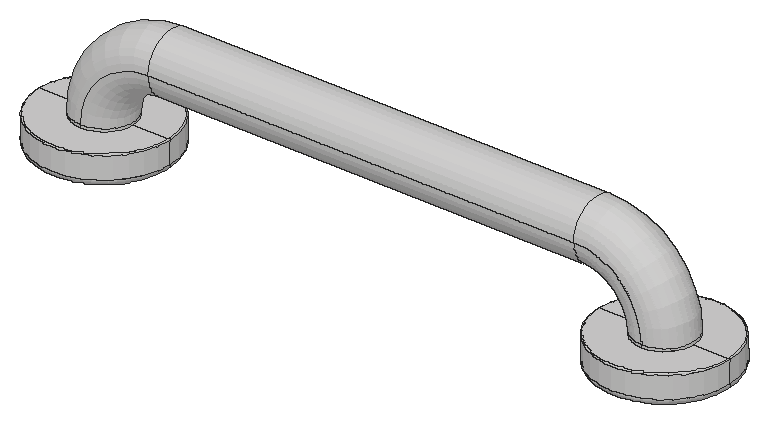
Revit family "Accessory-Grab_Bar-KOHLER-Contemporary-K-14560", category Specialty Equipment, host Face, Revit 2015
Parameters (values of type "BS-Brushed Stainless")
  Width = 2 3/4"  # constant formula
  WaterSense Certified = 1 = 0  # no
  URL = "https://www.us.kohler.com/us/"
  Type = 3
  Product Page URL = "http://www.us.kohler.com/us/catalog/productDetails.jsp?productNumber=14560"
  Product Name = "Contemporary"  # constant formula
  Product Documentation Link = "https://www.us.kohler.com/webassets/kpna/catalog/pdf/en/K-14560_spec.pdf"
  Model = if(Type = 1, "K-14560-S", if(Type = 2, "K-14560-BN", if(Type = 3, "K-14560-BS", if(Type = 4, "K-14560-TT", "NA"))))  # "K-14560-BS"
  Material = "Premium Metal Construction"  # constant formula
  MasterFormat 2004 = "10.28.13"  # constant formula
  MasterFormat 1995 = "10820"  # constant formula
  Manufacturer Address = "444 Highland Dr, Kohler, WI 53044"  # constant formula
  Manufacturer = "KOHLER Co."  # constant formula
  Length = 12"  # constant formula
  Height = 2 13/16"  # constant formula
  Finish = Kohler-Metal-BS-Brushed_Stainless
  Environmental Product Declaration = ""
  Description = "12 Inch Grab Bar"  # constant formula
  Default Elevation = 42"
  Declare Label = ""
  Date Modified = "02/27/2019"  # constant formula
  Date Created = "02/27/2019"  # constant formula
  Copyright = "Copyright KOHLER Co."  # constant formula
  Contact Us = "https://www.us.kohler.com/us/static/contact.jsp"
  Assembly Code = "C1030200"
  ADA Compliant = 1 = 1  # yes
Types (5): name | Type | Model | Finish
  (no name) | 3 | "K-14560-BS" | Kohler-Metal-BS-Brushed_Stainless
  S-Polished Stainless | 1 | "K-14560-S" | Kohler-Metal-S-Polished_Stainless
  BN-Vibrant Brushed Nickel | 2 | "K-14560-BN" | Kohler-Metal-BN-Vibrant_Brushed_Nickel
  BS-Brushed Stainless | 3 | "K-14560-BS" | Kohler-Metal-BS-Brushed_Stainless
  TT-Titanium | 4 | "K-14560-TT" | Kohler-Metal-TT-Vibrant_Titanium
Reference planes (in)
  plane 1 "Center (Front/Back)": y = 0
  plane 2: z = 0
  plane 3 "Center (Left/Right)": x = 0
  plane 4: x = -6
  plane 5: x = 6
  plane 6: z = 2.75
  plane 7: z = 1.5
  plane 8: y = 1.40625
  plane 9: y = -1.40625
  plane 10: x = -7.40625
  plane 11: x = -4.59375
  plane 12: x = 7.40625
  plane 13: x = 4.59375
  plane 14: z = 2.11772
Dimensions and locks (in)
  "Length": plane 4 to plane 5
  "Height": plane 8 to plane 9
  "Width": plane 6 to level
  aligned and locked: plane 2 to host face
  aligned and locked: level to host face
Automatic sketch dimensions
  host sketch curve to host sketch curve = 96"  (x2)
Nested families (in)
  nested 1: "K-14560" at (0, 0, 0), type "K-14560"
Definition of nested family "K-14560"
  Parameters (values of type "K-14560")
    Material = none
  Reference planes (in)
    plane 1 "Center (Front/Back)": y = 0
    plane 2: z = 0
    plane 3 "Center (Left/Right)": x = 0
    plane 4: x = -6
    plane 5: x = 6
    plane 6: y = 1.40625
    plane 7: z = 1.5
    plane 8: z = 2.75
    plane 9: z = 2.81479
    plane 10: z = 2.11772
    plane 11: y = -1.40625
    plane 12: x = -7.40625
    plane 13: x = -4.59375
    plane 14: x = 7.40625
    plane 15: x = 4.59375
    plane 16: z = 2.125
  Forms (in)
    Sweep 1, solid, material <- "Material", detail levels medium+fine
      path origin (0, 0, 0) x (1, 0, 0) y (0, 0, 1)
        loop
          line (-6.0001, 0.28552) -> (-6.0001, 0.67631)
          arc (-6.0001, 0.67631) -> (-5.57792, 1.69554) -> (-4.55869, 2.11772) r 1.44141
          line (-4.55869, 2.11772) -> (4.55869, 2.11772)
          arc (4.55869, 2.11772) -> (5.57792, 1.69554) -> (6.0001, 0.67631) r 1.44141
          line (6.0001, 0.67631) -> (6.0001, 0.28552)
      profile origin (0, 0, 2.11772) x (0, 0, 1) y (0, -1, 0)
        loop
          circle (0.00848, 0.0002) r 0.625
    Extrusion 2, solid, material <- "Material", detail levels coarse
      sketch origin (0, 0, 0) x (1, 0, 0) y (0, 1, 0)
        loop
          circle (-6, 0) r 1.38363
        loop
          circle (6.00019, 0) r 1.3733
      from 0 to 2.75
    Revolve 3, solid, material <- "Material", detail levels medium+fine
      sketch origin (0, 0, 0) x (1, 0, 0) y (0, 0, 1)
        loop
          line (-7.40625, 0.60005) -> (-7.40625, 0.13403)
          arc (-7.40625, 0.13403) -> (-7.36699, 0.03926) -> (-7.27222, 0) r 0.13403
          line (-7.27222, 0) -> (-6, 0) -> (-6, 0.62278) -> (-7.38352, 0.62278)
          arc (-7.38352, 0.62278) -> (-7.39959, 0.61613) -> (-7.40625, 0.60005) r 0.02273
        axis (-6, 0) -> (-6, 0.62278)
      angle from 0 to 360
    Revolve 4, solid, material <- "Material", detail levels medium+fine
      sketch origin (12, 0, 0) x (1, 0, 0) y (0, 0, 1)
        loop
          line (-7.40625, 0.60005) -> (-7.40625, 0.13403)
          arc (-7.40625, 0.13403) -> (-7.36699, 0.03926) -> (-7.27222, 0) r 0.13403
          line (-7.27222, 0) -> (-6, 0) -> (-6, 0.62278) -> (-7.38352, 0.62278)
          arc (-7.38352, 0.62278) -> (-7.39959, 0.61613) -> (-7.40625, 0.60005) r 0.02273
        axis (-6, 0) -> (-6, 0.62278)
      angle from 0 to 360
    Extrusion 5, solid, material <- "Material", detail levels coarse
      sketch origin (0, 0, -0.06445) x (0, 1, 0) y (0, 0, 1)
        loop
          circle (-0.00069, 2.05649) r 0.62484
      from -7.09609 to 7.13367
  Cuts and joins
    joined: Sweep 1, Revolve 3, Revolve 4
    joined: Extrusion 2, Extrusion 5
  Lines and regions (in)
    Masking region 1
      outline origin (0, 0, 0) x (1, 0, 0) y (0, 0, 1)
        loop
          line (4.55194, 2.75) -> (-4.57424, 2.75)
          arc (-4.57424, 2.75) -> (-6.03421, 2.14411) -> (-6.63618, 0.68252) r 2.06195
          line (-6.63618, 0.68252) -> (-6.63602, 0.62386) -> (-7.38399, 0.62268)
          arc (-7.38399, 0.62268) -> (-7.39973, 0.61614) -> (-7.40625, 0.60039) r 0.02229
          line (-7.40625, 0.60039) -> (-7.40625, 0.12822)
          arc (-7.40625, 0.12822) -> (-7.3687, 0.03755) -> (-7.27803, 0) r 0.12822
          line (-7.27803, 0) -> (-4.72712, 0)
          arc (-4.72712, 0) -> (-4.63281, 0.03906) -> (-4.59375, 0.13337) r 0.13337
          line (-4.59375, 0.13337) -> (-4.59375, 0.59939)
          arc (-4.59375, 0.59939) -> (-4.60056, 0.61585) -> (-4.617, 0.62268) r 0.02329
          line (-4.617, 0.62268) -> (-5.38322, 0.62389) -> (-5.38322, 0.6758)
          arc (-5.38322, 0.6758) -> (-5.14182, 1.2586) -> (-4.55902, 1.5) r 0.8242
          line (-4.55902, 1.5) -> (4.56337, 1.5)
          arc (4.56337, 1.5) -> (5.14309, 1.25987) -> (5.38322, 0.68015) r 0.81985
          line (5.38322, 0.68015) -> (5.38322, 0.62389) -> (4.617, 0.62268)
          arc (4.617, 0.62268) -> (4.60056, 0.61585) -> (4.59375, 0.59939) r 0.02329
          line (4.59375, 0.59939) -> (4.59375, 0.13337)
          arc (4.59375, 0.13337) -> (4.63281, 0.03906) -> (4.72712, 0) r 0.13337
          line (4.72712, 0) -> (7.27803, 0)
          arc (7.27803, 0) -> (7.3687, 0.03755) -> (7.40625, 0.12822) r 0.12822
          line (7.40625, 0.12822) -> (7.40625, 0.60039)
          arc (7.40625, 0.60039) -> (7.39973, 0.61614) -> (7.38399, 0.62268) r 0.02229
          line (7.38399, 0.62268) -> (6.63602, 0.62386) -> (6.63613, 0.66199)
          arc (6.63613, 0.66199) -> (6.02641, 2.1381) -> (4.55194, 2.75) r 2.08242
    Masking region 2
      outline origin (0, -0.00391, 0) x (0, 1, 0) y (0, 0, 1)
        loop
          arc (1.41016, 0.59941) -> (1.40444, 0.61439) -> (1.3902, 0.62175) r 0.02248
          line (1.3902, 0.62175) -> (0.63417, 0.62347) -> (0.63417, 2.12405)
          arc (0.63417, 2.12405) -> (0.00933, 2.74889) -> (-0.61551, 2.12405) r 0.62484
          line (-0.61551, 2.12405) -> (-0.61551, 0.62352) -> (-1.38268, 0.62177)
          arc (-1.38268, 0.62177) -> (-1.39669, 0.61483) -> (-1.40234, 0.60026) r 0.02159
          line (-1.40234, 0.60026) -> (-1.40234, 0.13249)
          arc (-1.40234, 0.13249) -> (-1.36354, 0.03881) -> (-1.26985, 0) r 0.13249
          line (-1.26985, 0) -> (1.27901, 0)
          arc (1.27901, 0) -> (1.37174, 0.03841) -> (1.41016, 0.13115) r 0.13115
          line (1.41016, 0.13115) -> (1.41016, 0.59941)
    Masking region 3
      outline origin (0, 0, 0) x (1, 0, 0) y (0, 1, 0)
        loop
          arc (-4.73982, 0.62408) -> (-7.40625, 0.00081) -> (-4.74054, -0.62553) r 1.40625
          line (-4.74054, -0.62553) -> (4.74054, -0.62553)
          arc (4.74054, -0.62553) -> (7.40625, 0.00081) -> (4.73982, 0.62408) r 1.40625
          line (4.73982, 0.62408) -> (-4.73982, 0.62408)
    symbolic lines, detail levels medium+fine
      curve 1: line (6.64803, 0, 0.62463) -> (5.35197, 0, 0.62304)
      curve 2: line (-5.35219, 0, 0.62278) -> (-6.64774, 0, 0.62384)
      curve 3: line (0, 0.62415, 0.6235) -> (0, -0.62553, 0.62349)
      curve 4: line (-5.97694, 0.624, 0) -> (-4.76738, 0.62482, 0)
      curve 5: line (-6, -0.62553, 0) -> (-4.77553, -0.62553, 0)
      curve 6: arc (-6.00857, -0.6252, 0) -> (-6.63337, 0.01562, 0) -> (-5.97694, 0.624, 0) r 0.625
      curve 7: line (5.97694, 0.624, 0) -> (4.76738, 0.62482, 0)
      curve 8: line (6, -0.62553, 0) -> (4.77553, -0.62553, 0)
      curve 9: arc (6.00857, -0.6252, 0) -> (6.63337, 0.01562, 0) -> (5.97694, 0.624, 0) r 0.625
  Dimensions and locks (in)
    level to plane 8 = 2 3/4"
    plane 8 to level = 2 3/4"
    plane 8 to plane 7 = 1 1/4"
    plane 6 to plane 11 = 2 13/16"
    aligned and locked: plane 2 to level
